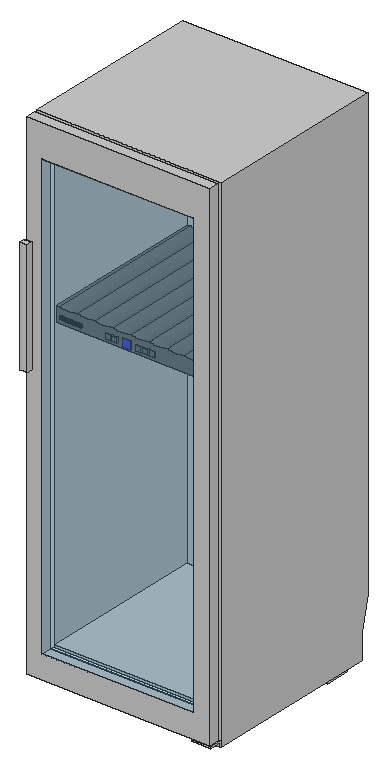
Revit family "QF_LIEBHERR_WTpes 5972.220712092856", category Specialty Equipment, Revit 2016
Family settings
  Part Type = Normal
  Round Connector Dimension = Use Diameter
  OmniClass Number = 23.40.40.14
  OmniClass Title = Food Service Equipment
  Work Plane-Based = No
  Always vertical = Yes
  Cut with Voids When Loaded = No
  Shared = No
  Room Calculation Point = No
Parameters (values of type "WTpes 5972_230V/1Ph/50Hz")
  URL catalogue = ""
  URL = "home.liebherr.com"
  Type de Raccord Electrique [instance] = ""
  Type article [instance] = ""
  Tension = 230 V
  Status [instance] = ""
  Spécification technique = ""
  Spécification du Fabricant [instance] = ""
  Spécification de l'Utilisateur [instance] = ""
  SMACNA No spécifique pour les matériaux  Etats Unis = ""
  Quantité par lot [instance] = no
  Puissance électrique  = 130 W
  Puissance en CV = ""
  Puissance Apparente = 130 VA
  Protection de l'Appareil = 0 A
  Profondeur hors tout = 742 mm
  Poids net à vide = 122.00 kg
  Phase = 1
  Numéro de Série = ""
  Nombres de Pôles = 2
  Nombre d'identification NAFEM = ""
  Model = "WTpes 5972"
  Manufacturer = "LIEBHERR"
  Longueur hors tout = 700 mm
  Intensité nominale courant electrique = 1 A
  Installé Par [instance] = ""
  Identifiant Equipement [instance] = no
  Hauteur hors tout = 1920 mm
  Hauteur de Raccordement du Sol Finis [instance] = 50 mm
  Hauteur de Raccordement du Sol Brut [instance] = 0 mm
  Fréquence = 50 Hz
  Fournis Par [instance] = ""
  Description = "CAVE A VIN 2 ZONES VITREE WTPES 5972, +5/+20°C, CARROSSERIE INOX CUVE PS, 211 BOUTEILLES"
  Câble de connexion à l'appareil inclus = no
  Cost = 0
  Consommation d'énergie minimale = 0 A
  Connexion prise électrique  = ""
  Code de Révision [instance] = ""
  Classification dans le projet = ""
  Classement sismique = ""
  Accessoires = no
Reference planes
  plane 1 "Centre (avant/arrière)": y = 0
  plane 2: z = 0
  plane 3 "Centre (gauche/droite)": x = 0
Forms (mm)
  Extrusion 1, solid, not visible
    sketch origin (519, -2, 49) x (1, 0, 0) y (0, 1, 0)
      loop
        line (0, 0) -> (2, 0) -> (2, 2) -> (0, 2) -> (0, 0)
    from 0 to 2
Dimensions and locks
  aligned and locked: level to plane 2
Nested families
  nested 1: "QF_LIEBHERR_WTpes 5972_230V_1Ph_50Hz" at (0, 0, 0), type "WTpes 5972_230V/1Ph/50Hz"
    with Show Logo yes, Show Clearance yes
  nested 2: "QF_LIEBHERR_WTES5872_DOOR_RX" at (0, 0, 0), type "WTES5872_DOOR_RX"
    with Show Logo yes, Show Clearance yes
Connectors
  electrical at (520, 0, 50), driven by "Puissance Apparente", driven by "Nombres de Pôles", driven by "Tension"
    settings: on Extrusion 1, index 1, voltage 230 V, apparent load 0 VA, apparent load phase1 130 VA, apparent load phase2 0 VA, apparent load phase3 0 VA, power factor 1, load classification "Other", number of poles 2, system type 31, power factor state 1, is connector primary yes, connector utility no, sub classification motor no, connector description "Electric connection for 'WTPES 5972'"
Definition of nested family "QF_LIEBHERR_WTpes 5972_230V_1Ph_50Hz"
  Parameters (values of type "WTpes 5972_230V/1Ph/50Hz")
    URL = "home.liebherr.com"
    Show Logo [instance] = yes
    Show Clearance [instance] = yes
    Model = "WTpes 5972"
    Manufacturer = "LIEBHERR"
    Description = "WINE CABINET 2-ZONE GLASS DOOR WTPES 5972, +5/+20°C, S/STEEL EXTERIOR PS INTERIOR, 516 L NET"
    Assembly Code = "E1090320"
  Reference planes
    plane 1 "Back": y = 0
    plane 2: z = 0
    plane 3 "Left": x = 0
    plane 4 "Right": x = 700
    plane 5 "Front": y = -688.905
    plane 6 "Top": z = 1920
  Forms (mm)
    Extrusion 1, solid
      sketch origin (0, 0, 7.102) x (0, 1, 0) y (0, 0, 1)
        loop
          line (0, 1912.898) -> (-688.905, 1912.898) -> (-688.905, 2.941) -> (-29.63, 2.941) -> (-28.257, 77.047)
          arc (-28.257, 77.047) -> (-27.611, 86.781) -> (-26.04, 96.409) r 102.238
          line (-26.04, 96.409) -> (0, 218.918) -> (0, 1912.898)
      from 0 to 700
    Extrusion 2, void
      sketch origin (0, 0, 0) x (1, 0, 0) y (0, 0, 1)
        loop
          line (63.924, 1851.608) -> (63.924, 131.966) -> (636.377, 131.966) -> (636.377, 1851.608) -> (63.924, 1851.608)
      from 60 to 688.905
    Extrusion 3, solid
      sketch origin (100, -23.89, 0) x (1, 0, 0) y (0, 0, 1)
        loop
          circle (420, 50) r 5
      from 0 to 5
    Extrusion 4, solid, visible <- "Show Logo"
      sketch origin (-229.011, -677.905, -691.489) x (1, 0, 0) y (0, 0, 1)
        loop
          line (309.542, 1937.598) -> (309.542, 1926.598) -> (317.534, 1926.598) -> (317.534, 1929.598) -> (314.534, 1929.598) -> (314.534, 1937.598) -> (309.542, 1937.598)
        loop
          line (318.542, 1937.598) -> (318.542, 1926.598) -> (323.534, 1926.598) -> (323.534, 1937.598) -> (318.542, 1937.598)
        loop
          line (325.425, 1937.598) -> (325.425, 1926.598) -> (332.444, 1926.598) -> (332.444, 1929.098) -> (330.418, 1929.098) -> (330.418, 1931.098) -> (332.444, 1931.098) -> (332.444, 1933.098) -> (330.418, 1933.098) -> (330.418, 1935.098) -> (332.444, 1935.098) -> (332.444, 1937.598) -> (325.425, 1937.598)
        loop
          line (334.425, 1937.598) -> (334.425, 1926.598) -> (341.444, 1926.598)
          arc (341.444, 1926.598) -> (344.324, 1928.719) -> (343.152, 1932.098) r 3.015
          arc (343.152, 1932.098) -> (344.324, 1935.477) -> (341.444, 1937.598) r 3.015
          line (341.444, 1937.598) -> (334.425, 1937.598)
        loop
          line (340.389, 1935.098) -> (339.418, 1935.098) -> (339.418, 1933.098) -> (340.389, 1933.098)
          arc (340.389, 1933.098) -> (341.389, 1934.098) -> (340.389, 1935.098) r 1
        loop
          arc (340.456, 1929.098) -> (341.456, 1930.098) -> (340.456, 1931.098) r 1
          line (340.456, 1931.098) -> (339.418, 1931.098) -> (339.418, 1929.098) -> (340.456, 1929.098)
        loop
          line (346.398, 1937.598) -> (346.398, 1926.598) -> (351.391, 1926.598) -> (351.391, 1931.098) -> (353.417, 1931.098) -> (353.417, 1926.598) -> (358.41, 1926.598) -> (358.41, 1937.598) -> (353.417, 1937.598) -> (353.417, 1933.098) -> (351.391, 1933.098) -> (351.391, 1937.598) -> (346.398, 1937.598)
        loop
          line (359.811, 1937.598) -> (359.811, 1926.598) -> (366.83, 1926.598) -> (366.83, 1929.098) -> (364.803, 1929.098) -> (364.803, 1931.098) -> (366.83, 1931.098) -> (366.83, 1933.098) -> (364.803, 1933.098) -> (364.803, 1935.098) -> (366.83, 1935.098) -> (366.83, 1937.598) -> (359.811, 1937.598)
        loop
          line (368.822, 1937.598) -> (368.822, 1926.598) -> (373.814, 1926.598) -> (373.814, 1929.098) -> (374.887, 1926.598) -> (379.88, 1926.598) -> (378.318, 1930.237)
          arc (378.318, 1930.237) -> (379.724, 1934.807) -> (375.841, 1937.598) r 4.097
          line (375.841, 1937.598) -> (368.822, 1937.598)
        loop
          line (374.786, 1935.098) -> (373.814, 1935.098) -> (373.814, 1932.141) -> (374.786, 1932.141)
          arc (374.786, 1932.141) -> (376.264, 1933.619) -> (374.786, 1935.098) r 1.479
        loop
          line (381.56, 1937.598) -> (381.56, 1926.598) -> (386.553, 1926.598) -> (386.553, 1929.098) -> (387.626, 1926.598) -> (392.618, 1926.598) -> (391.057, 1930.237)
          arc (391.057, 1930.237) -> (392.463, 1934.807) -> (388.58, 1937.598) r 4.097
          line (388.58, 1937.598) -> (381.56, 1937.598)
        loop
          line (387.524, 1935.098) -> (386.553, 1935.098) -> (386.553, 1932.141) -> (387.524, 1932.141)
          arc (387.524, 1932.141) -> (389.003, 1933.619) -> (387.524, 1935.098) r 1.479
      from 0 to 2
    Extrusion 5, solid
      sketch origin (0, 0, 0) x (0, 1, 0) y (0, 0, 1)
        loop
          line (-92.318, 10.043) -> (-181.867, 10.043) -> (-181.867, 0) -> (-92.318, 0) -> (-92.318, 10.043)
      from 5.463 to 19.585
    Extrusion 6, solid
      sketch origin (700, 0, 0) x (0, 1, 0) y (0, 0, -1)
        loop
          line (-92.318, -10.043) -> (-92.318, 0) -> (-181.867, 0) -> (-181.867, -10.043) -> (-92.318, -10.043)
      from 5.463 to 19.585
    Extrusion 7, solid
      sketch origin (3.606, 12.353, 0) x (1, 0, 0) y (0, 1, 0)
        loop
          circle (30.993, -688.905) r 10.5
      from 0 to 10.043
    Extrusion 8, solid
      sketch origin (696.394, 12.353, 0) x (-1, 0, 0) y (0, -1, 0)
        loop
          circle (30.993, 688.905) r 10.5
      from 0 to 10.043
    Extrusion 9, solid
      sketch origin (33.924, 0, 540.608) x (1, 0, 0) y (0, 0, 1)
        loop
          line (30, 678) -> (602.453, 678) -> (602.453, 737) -> (586.227, 737)
          arc (586.227, 737) -> (552.477, 730.096) -> (518.727, 737) r 85.946
          arc (518.727, 737) -> (484.977, 730.096) -> (451.227, 737) r 85.946
          arc (451.227, 737) -> (417.477, 730.096) -> (383.727, 737) r 85.946
          arc (383.727, 737) -> (349.977, 730.096) -> (316.227, 737) r 85.946
          arc (316.227, 737) -> (282.477, 730.096) -> (248.727, 737) r 85.946
          arc (248.727, 737) -> (214.977, 730.096) -> (181.227, 737) r 85.946
          arc (181.227, 737) -> (147.477, 730.096) -> (113.727, 737) r 85.946
          arc (113.727, 737) -> (79.977, 730.096) -> (46.227, 737) r 85.946
          line (46.227, 737) -> (30, 737) -> (30, 678)
      from 60 to 677.905
    Extrusion 10, solid
      sketch origin (-12.52, -676.905, -613.215) x (1, 0, 0) y (0, 0, 1)
        loop
          line (360.944, 1868.324) -> (331.944, 1868.324) -> (331.944, 1839.324) -> (360.944, 1839.324) -> (360.944, 1868.324)
      from 0 to 2
    Extrusion 11, solid
      sketch origin (32.48, -677.905, -613.215) x (1, 0, 0) y (0, 0, 1)
        loop
          line (355.944, 1863.324) -> (336.944, 1863.324) -> (336.944, 1844.324) -> (355.944, 1844.324) -> (355.944, 1863.324)
      from 0 to 3
    Extrusion 12, solid
      sketch origin (57.48, -677.905, -613.215) x (1, 0, 0) y (0, 0, 1)
        loop
          line (355.944, 1863.324) -> (336.944, 1863.324) -> (336.944, 1844.324) -> (355.944, 1844.324) -> (355.944, 1863.324)
      from 0 to 3
    Extrusion 13, solid
      sketch origin (635.367, -677.905, -613.215) x (-1, 0, 0) y (0, 0, -1)
        loop
          line (355.944, -1863.324) -> (355.944, -1844.324) -> (336.944, -1844.324) -> (336.944, -1863.324) -> (355.944, -1863.324)
      from 0 to 3
    Extrusion 14, solid
      sketch origin (610.367, -677.905, -613.215) x (-1, 0, 0) y (0, 0, -1)
        loop
          line (355.944, -1863.324) -> (355.944, -1844.324) -> (336.944, -1844.324) -> (336.944, -1863.324) -> (355.944, -1863.324)
      from 0 to 3
    Extrusion 15, solid
      sketch origin (82.48, -677.905, -613.215) x (1, 0, 0) y (0, 0, 1)
        loop
          line (355.944, 1863.324) -> (336.944, 1863.324) -> (336.944, 1844.324) -> (355.944, 1844.324) -> (355.944, 1863.324)
      from 0 to 3
  Cuts and joins
    Extrusion 2 cuts Extrusion 1
  Lines and regions (mm)
    symbolic lines
      curve 1: line (0, 0, 0) -> (700, 0, 0)
      curve 2: line (700, 0, 0) -> (700, -688.905, 0)
      curve 3: line (700, -688.905, 0) -> (0, -688.905, 0)
      curve 4: line (0, -688.905, 0) -> (0, 0, 0)
  Dimensions and locks
    plane 3 "Left" to plane 4 "Right" = 700 mm
    plane 5 "Front" to plane 1 "Back" = 688.905 mm
    plane 6 "Top" to level = 1920 mm
    aligned and locked: level to plane 2
  Connectors
    electrical at (520, -23.89, 50)
      settings: on Extrusion 3, index 1, voltage 0 V, apparent load 0 VA, apparent load phase1 0 VA, apparent load phase2 0 VA, apparent load phase3 0 VA, power factor 1, load classification none, number of poles 1, system type 31, power factor state 1, is connector primary yes, connector utility no, sub classification motor no, connector description "Electrical connection"
Definition of nested family "QF_LIEBHERR_WTES5872_DOOR_RX"
  Parameters (values of type "WTES5872_DOOR_RX")
    URL catalogue [instance] = ""
    URL = "home.liebherr.com"
    Status [instance] = ""
    Spécification technique [instance] = ""
    Spécification du Fabricant [instance] = ""
    Spécification de l'Utilisateur [instance] = ""
    Show Logo [instance] = yes
    Show Clearance [instance] = yes
    SMACNA No spécifique pour les matériaux  Etats Unis [instance] = ""
    Quantité par lot [instance] = no
    Profondeur hors tout [instance] = 53 mm
    Poids net à vide [instance] = 0.00 kg
    Numéro de Série [instance] = ""
    Nombre d'identification NAFEM [instance] = ""
    Model = "WTES5872_DOOR_RX"
    Manufacturer = "LIEBHERR"
    Longueur hors tout [instance] = 690 mm
    Installé Par [instance] = ""
    Identifiant Equipement [instance] = no
    Hauteur hors tout [instance] = 1885 mm
    Fournis Par [instance] = ""
    Description = "PORTE AVEC OUVERTURE SUR LA DROITE"
    Cost = 0
    Code de Révision [instance] = ""
    Classification dans le projet [instance] = ""
    Classement sismique [instance] = ""
    Assembly Code = "E1090320"
    Accessoires [instance] = yes
  Reference planes
    plane 1 "Back": y = 0
    plane 2: z = 0
    plane 3 "Left": x = 0
    plane 4 "Right": x = 700
    plane 5 "Front": y = -742
    plane 6 "Top": z = 1919.397
  Forms (mm)
    Extrusion 1, solid
      sketch origin (-26.184, -5.707, 7.95) x (1, 0, 0) y (0, 1, 0)
        loop
          circle (709.086, -713.896) r 10
      from 19.907 to 26.842
    Extrusion 2, solid, visible <- "Show Clearance", detail levels coarse
      sketch origin (-48.112, -9, 14.113) x (1, 0, 0) y (0, 1, 0)
        loop
          line (743.976, -733) -> (48.464, -733)
          arc (48.464, -733) -> (245.952, -1195.967) -> (703.976, -1404.664) r 695.895
          line (703.976, -1404.664) -> (743.976, -1404.664) -> (743.976, -733)
      from 20.679 to 1905.284
    Extrusion 3, solid
      sketch origin (102.101, -136.899, 14.113) x (1, 0, 0) y (0, 0, 1)
        loop
          line (-96.929, 1905.284) -> (-96.929, 20.679) -> (593.764, 20.679) -> (593.764, 1905.284) -> (-96.929, 1905.284)
        loop
          line (533.764, 1786.777) -> (-38.177, 1786.777) -> (-38.177, 110.751) -> (533.764, 110.751) -> (533.764, 1786.777)
      from 564.94 to 605.101
    Extrusion 4, solid
      sketch origin (102.101, -136.899, 14.113) x (1, 0, 0) y (0, 0, 1)
        loop
          line (578.028, 1890.284) -> (-81.929, 1890.284) -> (-81.929, 28.534) -> (578.028, 28.534) -> (578.028, 1890.284)
        loop
          line (534.276, 1786.777) -> (-38.177, 1786.777) -> (-38.177, 110.751) -> (534.276, 110.751) -> (534.276, 1786.777)
      from 552.006 to 564.94
    Extrusion 5, solid
      sketch origin (102.101, -133.899, 14.113) x (1, 0, 0) y (0, 0, 1)
        loop
          line (-38.177, 1786.777) -> (-38.177, 110.751) -> (533.764, 110.751) -> (533.764, 1786.777) -> (-38.177, 1786.777)
      from 567.94 to 608.101
    Extrusion 6, solid
      sketch origin (619.622, -12.7, -14.814) x (0, 1, 0) y (0, 0, 1)
        loop
          line (-676.205, 24.857) -> (-676.205, 42.671) -> (-723.896, 42.671) -> (-723.896, 39.157) -> (-680.221, 39.157) -> (-680.221, 24.857) -> (-676.205, 24.857)
      from 4.769 to 77.058
    Extrusion 7, solid
      sketch origin (2.659, -168.482, 790.321) x (1, 0, 0) y (0, 1, 0)
        loop
          arc (14.573, -621.043) -> (28.618, -622.06) -> (42.663, -621.043) r 97.498
          line (42.663, -621.043) -> (42.663, -601.962)
          arc (42.663, -601.962) -> (28.618, -600.945) -> (14.573, -601.962) r 97.498
          line (14.573, -601.962) -> (14.573, -621.043)
      from 300.84 to 732.651
    Extrusion 8, solid
      sketch origin (2.659, -168.482, 905.352) x (1, 0, 0) y (0, 1, 0)
        loop
          line (2.513, -551.709) -> (0, -551.709) -> (0, -598.889) -> (13.36, -610.445) -> (14.573, -610.494) -> (14.573, -601.962)
          arc (14.573, -601.962) -> (21.577, -601.199) -> (28.618, -600.945) r 97.498
          line (28.618, -600.945) -> (28.618, -597.94)
          arc (28.618, -597.94) -> (22.013, -598.204) -> (15.449, -598.99) r 83.417
          line (15.449, -598.99) -> (9.246, -593.598) -> (9.246, -573.518) -> (2.513, -573.518) -> (2.513, -551.709)
      from 202.318 to 227.444
    Extrusion 9, solid
      sketch origin (2.659, -168.482, 1276.954) x (1, 0, 0) y (0, 1, 0)
        loop
          line (2.513, -551.709) -> (0, -551.709) -> (0, -598.889) -> (13.36, -610.445) -> (14.573, -610.494) -> (14.573, -601.962)
          arc (14.573, -601.962) -> (21.577, -601.199) -> (28.618, -600.945) r 97.498
          line (28.618, -600.945) -> (28.618, -597.94)
          arc (28.618, -597.94) -> (22.013, -598.204) -> (15.449, -598.99) r 83.417
          line (15.449, -598.99) -> (9.246, -593.598) -> (9.246, -573.518) -> (2.513, -573.518) -> (2.513, -551.709)
      from 202.318 to 227.444
  Lines and regions (mm)
    symbolic lines, visible <- "Show Clearance"
      curve 1: line (695.864, -1413.664, 0) -> (695.864, -742, 0)
      curve 2: line (655.864, -1413.664, 0) -> (655.864, -742, 0)
      curve 3: line (655.864, -1413.664, 0) -> (695.864, -1413.664, 0)
      curve 4: arc (0.352, -742, 0) -> (197.841, -1204.967, 0) -> (655.864, -1413.664, 0) r 695.895
    symbolic lines
      curve 5: line (5.172, -742, 0) -> (5.172, -701.839, 0)
      curve 6: line (5.172, -701.839, 0) -> (696.681, -701.839, 0)
      curve 7: line (20.172, -701.839, 0) -> (20.172, -688.905, 0)
      curve 8: line (695.864, -742, 0) -> (695.864, -688.905, 0)
      curve 9: line (695.864, -742, 0) -> (5.172, -742, 0)
      curve 10: arc (17.232, -789.526, 0) -> (31.277, -790.543, 0) -> (45.322, -789.526, 0) r 97.498
      curve 11: line (2.659, -720.191, 0) -> (2.659, -767.371, 0)
      curve 12: line (11.905, -762.08, 0) -> (11.905, -742, 0)
      curve 13: line (18.108, -767.472, 0) -> (11.905, -762.08, 0)
      curve 14: arc (31.277, -766.422, 0) -> (24.672, -766.686, 0) -> (18.108, -767.472, 0) r 83.417
      curve 15: line (31.277, -769.427, 0) -> (31.277, -766.422, 0)
      curve 16: arc (45.322, -770.444, 0) -> (31.277, -769.427, 0) -> (17.232, -770.444, 0) r 97.498
      curve 17: line (45.322, -789.526, 0) -> (45.322, -770.444, 0)
      curve 18: line (17.232, -770.444, 0) -> (17.232, -789.526, 0)
      curve 19: line (2.659, -767.371, 0) -> (16.019, -778.927, 0)
      curve 20: line (16.019, -778.927, 0) -> (17.232, -778.976, 0)
      curve 21: line (2.659, -720.191, 0) -> (5.172, -720.191, 0)
  Dimensions and locks
    plane 3 "Left" to plane 4 "Right" = 700 mm
    plane 5 "Front" to plane 1 "Back" = 742 mm
    plane 6 "Top" to level = 1919.397 mm
    aligned and locked: level to plane 2
